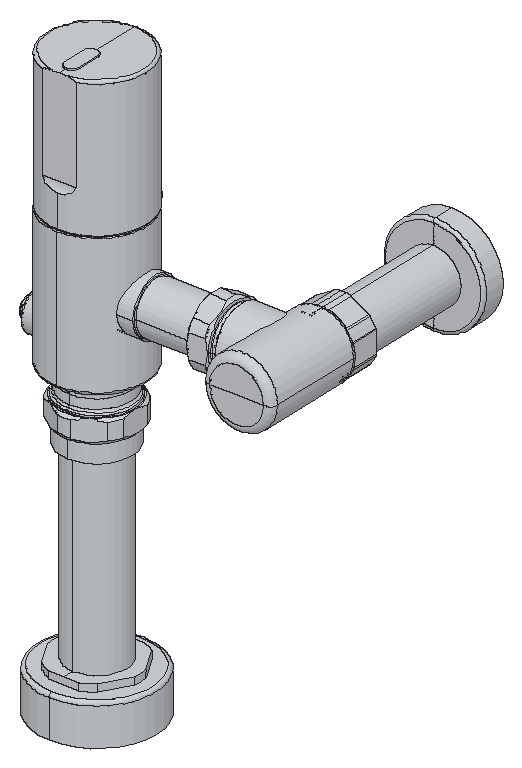
Revit family "Flushometer-Toilet_Touchless-KOHLER-Mach_Wave-K-40TH00K10", category Plumbing Fixtures, host Face, Revit 2021 (continued)
Definition of nested family "K-40TH00K10"
  Dimensions and locks (in)
    "Height": plane 4 to plane 23
    locked: plane 4 to plane 6 "ad" at 5.29134
    locked: Revolve 13 sketch curve to Revolve 13 sketch curve at 0.55159
    locked: Revolve 13 sketch curve to plane 1 "Center (Front/Back)" at 0.89813
    locked: plane 25 to plane 23 at 1.0528
    locked: plane 24 to plane 25 at 0.18134
    locked: plane 20 "fg" to plane 26 at 1.50787
    locked: plane 26 to plane 27 at 0.55159
    plane 20 "fg" to plane 19 = 1.2766"
    locked: plane 3 "Center (Left/Right)" to Revolve 3 sketch curve at 1.5036
    plane 25 to plane 23 = 1.0528"
    locked: cut or joined group of Revolve 1, Extrusion 5, Extrusion 7, Extrusion 10, Sweep 11, Sweep 12, Revolve 15 to cut or joined group of Revolve 1, Extrusion 5, Extrusion 7, Extrusion 10, Sweep 11, Sweep 12, Revolve 15 at 1.23415  (x2)
    locked: Masking region 1 sketch curve to plane 23 at 1.0528
    locked: cut or joined group of Revolve 1, Extrusion 5, Extrusion 7, Extrusion 10, Sweep 11, Sweep 12, Revolve 15 to plane 23 at 1.23415  (x2)
    locked: cut or joined group of Revolve 13, Extrusion 14 to plane 20 "fg" at 2.05946  (x3)
    locked: cut or joined group of Revolve 13, Extrusion 14 to plane 19 at 2.78447
    locked: cut or joined group of Revolve 13, Extrusion 14 to plane 20 "fg" at 1.50787  (x2)
    "Width": plane 20 "fg" to plane 3 "Center (Left/Right)"
    locked: Revolve 2 sketch curve to Revolve 2 sketch curve at 0.59763
    locked: Masking region 2 sketch curve to plane 6 "ad" at 1.27953
    locked: plane 6 "ad" to Masking region 2 sketch curve at 1.27953
    locked: plane 6 "ad" to Masking region 2 sketch curve at 0.68898
    locked: Masking region 2 sketch curve to plane 6 "ad" at 0.68898
    locked: Revolve 2 to Masking region 2 sketch curve at 0.58554  (x2)
    "Length": plane 17 to plane 1 "Center (Front/Back)"
    locked: plane 20 "fg" to plane 33 at 0.82308
    locked: plane 20 "fg" to plane 19 at 1.2766
    locked: plane 32 to plane 20 "fg" at 0.82308
    locked: plane 31 to plane 20 "fg" at 1.2766
    locked: Masking region 3 sketch curve to Revolve 2 at 0.59763  (x2)
    locked: Masking region 3 sketch curve to plane 20 "fg" at 0.82308
    locked: plane 20 "fg" to Masking region 3 sketch curve at 0.82308
    locked: Masking region 3 sketch curve to plane 20 "fg" at 0.89777
    locked: Masking region 3 sketch curve to Masking region 3 sketch curve at 1.79553
    locked: plane 20 "fg" to Masking region 3 sketch curve at 0.69231
    locked: plane 20 "fg" to Masking region 3 sketch curve at 0.89777
    locked: plane 20 "fg" to Masking region 3 sketch curve at 0.70092
    cut or joined group of Revolve 13, Extrusion 14 to curve 115 = 0.02238"
    plane 26 to curve 116 = 0.10516"
    plane 26 to curve 117 = 0.17658"
    locked: plane 27 to curve 118 at 1.18038
    locked: plane 27 to curve 118 at 1.1617
    curve 119 to plane 20 "fg" = 0.89777"
    plane 27 to curve 124 = 0.07019"  (x2)
    curve 125 to plane 26 = 0.07019"
    cut or joined group of Revolve 13, Extrusion 14 to plane 26 = 0.07019"
    plane 27 to curve 128 = 0.07019"
    locked: plane 20 "fg" to curve 177 at 2.05946
    plane 17 to curve 105 = 0.54617"
    plane 17 to curve 103 = 0.58554"
    Revolve 2 to curve 104 = 0.69291"
    locked: curve 75 to plane 23 at 1.19587
    locked: Revolve 18 sketch curve to Revolve 18 sketch curve at 0.75
    locked: Revolve 18 sketch curve to Revolve 18 sketch curve at 1.26068
    plane 22 to Revolve 18 sketch curve = 7.12515"
    Revolve 20 sketch curve to Revolve 20 sketch curve = 0.69231"
    Revolve 20 sketch curve to curve 139 = 0.89777"
    plane 16 to Revolve 20 sketch curve = 3.36621"
    locked: Revolve 18 sketch curve to plane 23 at 1.23415
    curve 204 to Revolve 18 = 1.20102"
    aligned and locked: plane 2 to level
    aligned and locked: Revolve 2 sketch curve to plane 1 "Center (Front/Back)"
    aligned and locked: Revolve 2 sketch curve to Revolve 2 sketch curve
    aligned and locked: Revolve 6 sketch curve to Revolve 6 sketch curve
    aligned and locked: Revolve 6 sketch curve to plane 20 "fg"
    aligned and locked: Revolve 3 sketch curve to plane 20 "fg"
    aligned and locked: Revolve 3 sketch curve to plane 1 "Center (Front/Back)"  (x2)
    aligned and locked: plane 22 to Extrusion 8
    aligned and locked: Revolve 1 sketch curve to plane 4
    aligned and locked: Revolve 1 sketch curve to plane 1 "Center (Front/Back)"
    aligned and locked: Revolve 1 sketch curve to plane 23
    aligned and locked: Revolve 1 sketch curve to plane 14
    aligned and locked: Revolve 1 sketch curve to plane 13
    aligned and locked: Extrusion 5 to Revolve 1
    aligned and locked: Revolve 13 sketch curve to Revolve 3
    aligned and locked: plane 1 "Center (Front/Back)" to Revolve 13 sketch curve
    aligned and locked: Extrusion 5 to cut or joined group of Revolve 1, Extrusion 5, Extrusion 7, Extrusion 10, Sweep 11, Sweep 12, Revolve 15
    aligned and locked: Extrusion 5 to plane 25
    aligned and locked: Extrusion 5 to plane 24
    aligned and locked: plane 26 to Extrusion 14
    aligned and locked: Extrusion 14 to plane 27
    aligned and locked: Revolve 3 sketch curve to plane 3 "Center (Left/Right)"
    aligned and locked: cut or joined group of Extrusion 4, Revolve 17 to plane 3 "Center (Left/Right)"
    aligned and locked: cut or joined group of Extrusion 4, Revolve 17 to plane 18
    aligned and locked: plane 23 to Masking region 1 sketch curve
    aligned and locked: Revolve 2 sketch curve to plane 17
    aligned and locked: plane 17 to Masking region 3 sketch curve
    aligned and locked: curve 113 to plane 27
    aligned and locked: curve 114 to plane 26
    aligned and locked: Revolve 18 sketch curve to plane 22
    aligned and locked: Revolve 19 sketch curve to plane 3 "Center (Left/Right)"
    aligned and locked: Revolve 19 sketch curve to plane 6 "ad"
    aligned and locked: Revolve 19 sketch curve to Revolve 19 sketch curve
    aligned and locked: Revolve 19 sketch curve to plane 20 "fg"
    aligned and locked: Revolve 20 sketch curve to Revolve 20 sketch curve
    aligned and locked: Revolve 20 sketch curve to plane 16
    aligned and locked: plane 17 to Revolve 20 sketch curve
    aligned and locked: Revolve 20 sketch curve to plane 19
    aligned and locked: Revolve 18 sketch curve to plane 30
    aligned and locked: plane 20 "fg" to Revolve 21 sketch curve
    aligned and locked: Revolve 21 sketch curve to plane 20 "fg"
    aligned and locked: Revolve 20 to Revolve 21 sketch curve
    aligned and locked: Revolve 22 sketch curve to plane 3 "Center (Left/Right)"
    aligned and locked: plane 3 "Center (Left/Right)" to Revolve 22 sketch curve
    aligned and locked: Revolve 22 sketch curve to Revolve 18
  Automatic sketch dimensions
    Extrusion 5 sketch curve to Extrusion 5 sketch curve = 0"  (x2)
    plane 1 "Center (Front/Back)" to Extrusion 5 sketch curve = 0.18763"
    plane 28 "ZZ" to Extrusion 5 sketch curve = 0.63972"
    Extrusion 5 sketch curve to Extrusion 5 sketch curve = 0.17912"
    Extrusion 5 sketch curve to Extrusion 5 sketch curve = 0.17915"
    Extrusion 5 sketch curve to Extrusion 5 sketch curve = 0.66268"
    Extrusion 5 sketch curve to Extrusion 5 sketch curve = 0.6687"
    Extrusion 5 sketch curve to Extrusion 5 sketch curve = 1.02133"
    Extrusion 5 sketch curve to Extrusion 5 sketch curve = 0.02684"
    Extrusion 5 sketch curve to Extrusion 5 sketch curve = 0.03145"
    Extrusion 5 sketch curve to Extrusion 5 sketch curve = 0.00081"
    Extrusion 5 sketch curve to Extrusion 5 sketch curve = 0.0041"
    Extrusion 5 sketch curve to Extrusion 5 sketch curve = 0.0136"
    Extrusion 5 sketch curve to Extrusion 5 sketch curve = 0.37812"
    Extrusion 5 sketch curve to Extrusion 5 sketch curve = 0.37815"
    Extrusion 5 sketch curve to Extrusion 5 sketch curve = 0.64607"
    Extrusion 5 sketch curve to Extrusion 5 sketch curve = 0.68175"
    Extrusion 5 sketch curve to Extrusion 5 sketch curve = 0.17455"
    Extrusion 5 sketch curve to Extrusion 5 sketch curve = 0.36229"
    Extrusion 5 sketch curve to Extrusion 5 sketch curve = 0.02027"
    Extrusion 5 sketch curve to Extrusion 5 sketch curve = 0.02849"
    Extrusion 5 sketch curve to Extrusion 5 sketch curve = 0.00274"
    Extrusion 5 sketch curve to Extrusion 5 sketch curve = 0.01232"
    Extrusion 5 sketch curve to Extrusion 5 sketch curve = 0.02641"
    Extrusion 5 sketch curve to Extrusion 5 sketch curve = 0.7455"
    Extrusion 5 sketch curve to Extrusion 5 sketch curve = 0.37413"
    Extrusion 5 sketch curve to Extrusion 5 sketch curve = 0.3826"
    Extrusion 5 sketch curve to Extrusion 5 sketch curve = 0.79004"
    Extrusion 5 sketch curve to Extrusion 5 sketch curve = 0.38607"
    profile plane to Sweep 11 sketch curve = 0.11673"
    Sweep 11 sketch curve to profile plane = 0.06166"
    level to Sweep 11 sketch curve = 8.95437"
    Sweep 11 sketch curve to Sweep 11 sketch curve = 0.1784"
    Extrusion 14 sketch curve to Extrusion 14 sketch curve = 0"  (x42)
    Extrusion 14 sketch curve to plane 1 "Center (Front/Back)" = 0"
    Extrusion 14 sketch curve to plane 6 "ad" = 0"
    plane 1 "Center (Front/Back)" to Extrusion 14 sketch curve = 0.06794"  (x2)
    plane 12 to Extrusion 14 sketch curve = 0.02534"  (x2)
    plane 12 to Extrusion 14 sketch curve = 0.09327"
    Extrusion 14 sketch curve to plane 1 "Center (Front/Back)" = 0.06794"  (x2)
    Extrusion 14 sketch curve to plane 13 = 0.02534"  (x2)
    Extrusion 14 sketch curve to plane 13 = 0.09327"
    plane 10 to Extrusion 14 sketch curve = 0.28056"  (x2)
    plane 5 to Extrusion 14 sketch curve = 0.19542"
    Extrusion 14 sketch curve to plane 11 = 0.28056"  (x2)
    plane 11 to Extrusion 14 sketch curve = 0.24553"
    Extrusion 4 sketch curve to plane 30 = 0.04168"  (x2)
    plane 10 to Extrusion 4 sketch curve = 0.02035"
    plane 10 to Extrusion 4 sketch curve = 0.0607"
    plane 30 to Extrusion 4 sketch curve = 0.1507"  (x2)
    Extrusion 4 sketch curve to Extrusion 4 sketch curve = 0.03494"
    plane 10 to Extrusion 4 sketch curve = 0.04052"
    Extrusion 4 sketch curve to Extrusion 4 sketch curve = 0.02203"  (x2)
    Extrusion 4 sketch curve to plane 9 = 0.31835"
    Extrusion 4 sketch curve to Extrusion 4 sketch curve = 0.02018"
    Extrusion 4 sketch curve to Extrusion 4 sketch curve = 0.03816"  (x2)
    Revolve 15 sketch curve to plane 28 "ZZ" = 0"  (x4)
    Revolve 15 sketch curve to plane 13 = 0.09366"
    Revolve 15 sketch curve to plane 29 = 0.52258"
    plane 13 to Revolve 15 sketch curve = 0.07988"
    Revolve 15 sketch curve to plane 13 = 0.16181"
    Revolve 15 sketch curve to plane 13 = 0.09226"
    Revolve 16 sketch curve to plane 13 = 0.12387"
    Revolve 16 sketch curve to plane 29 = 0.63077"
    Revolve 16 sketch curve to plane 13 = 0.18719"
    Revolve 16 sketch curve to Revolve 16 sketch curve = 0.00314"
    Revolve 16 sketch curve to plane 13 = 0.20946"
    Revolve 16 sketch curve to Revolve 16 sketch curve = 0.02227"
    Revolve 16 sketch curve to plane 13 = 0.16296"
    Revolve 16 sketch curve to plane 13 = 0.09484"  (x2)
    Revolve 16 sketch curve to Revolve 16 sketch curve = 0.02903"
    Revolve 16 sketch curve to plane 13 = 0.20373"
    Revolve 16 sketch curve to Revolve 16 sketch curve = 0.03249"
    Revolve 16 sketch curve to Revolve 16 sketch curve = 0"
    Revolve 16 sketch curve to plane 13 = 0.03314"
    Revolve 16 sketch curve to Revolve 16 sketch curve = 0.0617"
    Revolve 2 sketch curve to plane 11 = 0"
    Revolve 2 sketch curve to Revolve 2 sketch curve = 0.07874"
    Revolve 2 sketch curve to Revolve 2 sketch curve = 0.30039"
    Revolve 2 sketch curve to plane 17 = 0.09331"
    Revolve 6 sketch curve to plane 33 = 0.13847"
    Revolve 6 sketch curve to plane 13 = 0.02447"
    Revolve 6 sketch curve to plane 33 = 0.05972"
    Revolve 6 sketch curve to plane 33 = 0.02035"
    plane 15 to Revolve 6 sketch curve = 0.12028"
    Revolve 6 sketch curve to plane 1 "Center (Front/Back)" = 0.10973"
    plane 1 "Center (Front/Back)" to Revolve 6 sketch curve = 0.08712"
    Extrusion 9 sketch curve to Extrusion 9 sketch curve = 0.04178"
    Extrusion 9 sketch curve to Extrusion 9 sketch curve = 0.11845"  (x5)
    Extrusion 9 sketch curve to Revolve 6 = 0.85378"  (x2)
    Extrusion 9 sketch curve to Extrusion 9 sketch curve = 0.04891"  (x6)
    Revolve 6 to Extrusion 9 sketch curve = 0.82935"
    Extrusion 9 sketch curve to Extrusion 9 sketch curve = 0.1679"
    Extrusion 9 sketch curve to Extrusion 9 sketch curve = 0.39713"
    Extrusion 9 sketch curve to Extrusion 9 sketch curve = 0.48836"  (x2)
    Revolve 6 to Extrusion 9 sketch curve = 0.57183"  (x2)
    Extrusion 9 sketch curve to Revolve 6 = 0.57183"  (x2)
    Extrusion 9 sketch curve to Extrusion 9 sketch curve = 0.09781"  (x2)
    Extrusion 9 sketch curve to Extrusion 9 sketch curve = 0.0938"
    Extrusion 9 sketch curve to Extrusion 9 sketch curve = 0.23691"
    Revolve 6 to Extrusion 9 sketch curve = 0.83308"
    Extrusion 9 sketch curve to Extrusion 9 sketch curve = 0.1512"
    Extrusion 9 sketch curve to Extrusion 9 sketch curve = 0.40359"
    Extrusion 9 sketch curve to Extrusion 9 sketch curve = 0.26188"
    Extrusion 9 sketch curve to Extrusion 9 sketch curve = 0.03266"
    Extrusion 9 sketch curve to Extrusion 9 sketch curve = 0.08471"  (x6)
    Revolve 6 to Extrusion 9 sketch curve = 0.28195"
    Extrusion 9 sketch curve to Extrusion 9 sketch curve = 0.20517"
    Extrusion 9 sketch curve to Revolve 6 = 0.28195"  (x2)
    Revolve 1 sketch curve to Revolve 1 sketch curve = 0"  (x2)
    Revolve 1 sketch curve to plane 1 "Center (Front/Back)" = 0"
    plane 24 to Revolve 1 sketch curve = 0"
    Revolve 1 sketch curve to plane 25 = 0"
    Revolve 1 sketch curve to plane 13 = 0.12415"
    Revolve 1 sketch curve to Revolve 1 sketch curve = 0.02703"
    Revolve 1 sketch curve to plane 13 = 0.16352"
    Revolve 1 sketch curve to Revolve 1 sketch curve = 0.03961"
    Revolve 1 sketch curve to Revolve 1 sketch curve = 0.10063"
    Revolve 1 sketch curve to Revolve 1 sketch curve = 0.32096"
    Revolve 1 sketch curve to plane 4 = 0.06637"
    plane 14 to Revolve 1 sketch curve = 0.30963"
    Revolve 1 sketch curve to Revolve 1 sketch curve = 0.02189"
    plane 14 to Revolve 1 sketch curve = 0.25776"
    Revolve 1 sketch curve to Revolve 1 sketch curve = 0.09067"  (x2)
    Revolve 1 sketch curve to Revolve 1 sketch curve = 0.07874"
    Revolve 1 sketch curve to Revolve 1 sketch curve = 0.47276"
    Revolve 1 sketch curve to Revolve 1 sketch curve = 0.19685"  (x2)
    plane 8 to Revolve 1 sketch curve = 0.45331"
    Revolve 1 sketch curve to Revolve 1 sketch curve = 0.02766"
    plane 1 "Center (Front/Back)" to Revolve 3 sketch curve = 0"
    Revolve 3 sketch curve to plane 29 = 0.02225"
    Revolve 3 sketch curve to plane 26 = 0.10165"
    plane 13 to Revolve 3 sketch curve = 0.09397"
    Revolve 3 sketch curve to Revolve 3 sketch curve = 0.03074"
    Revolve 3 sketch curve to plane 13 = 0.01483"
    Revolve 3 sketch curve to Revolve 3 sketch curve = 0.02238"
    plane 29 to Revolve 3 sketch curve = 0.17054"
    Revolve 3 sketch curve to Revolve 3 sketch curve = 0.21351"
    plane 15 to Extrusion 7 sketch curve = 0.02591"
    Extrusion 7 sketch curve to plane 15 = 0.10256"
    Extrusion 7 sketch curve to plane 15 = 0.32026"
    plane 8 to Extrusion 7 sketch curve = 1.23057"
    Extrusion 7 sketch curve to plane 22 = 0.08919"
    Extrusion 8 sketch curve to plane 3 "Center (Left/Right)" = 0.17801"
    plane 3 "Center (Left/Right)" to Extrusion 8 sketch curve = 0.00137"
    plane 12 to Extrusion 8 sketch curve = 0.04886"
    plane 1 "Center (Front/Back)" to Extrusion 8 sketch curve = 0.20892"
    Extrusion 10 sketch curve to Extrusion 10 sketch curve = 0"  (x42)
    plane 1 "Center (Front/Back)" to Extrusion 10 sketch curve = 0"
    Extrusion 10 sketch curve to plane 3 "Center (Left/Right)" = 0"
    Extrusion 10 sketch curve to plane 3 "Center (Left/Right)" = 0.17573"  (x2)
    plane 13 to Extrusion 10 sketch curve = 0.08028"  (x2)
    plane 30 to Extrusion 10 sketch curve = 0.69542"
    Extrusion 10 sketch curve to plane 12 = 0.08028"  (x2)
    Extrusion 10 sketch curve to Extrusion 10 sketch curve = 0.63279"  (x2)
    Extrusion 10 sketch curve to Extrusion 10 sketch curve = 0.17573"  (x2)
    plane 3 "Center (Left/Right)" to Extrusion 10 sketch curve = 0.17573"  (x2)
    Extrusion 10 sketch curve to plane 29 = 0.69542"
    plane 12 to Extrusion 10 sketch curve = 0.28506"
    Extrusion 10 sketch curve to plane 13 = 0.28506"
    plane 1 "Center (Front/Back)" to Sweep 12 sketch curve = 0"
    Sweep 12 sketch curve to plane 3 "Center (Left/Right)" = 0"
    profile plane to Sweep 12 sketch curve = 0.12903"
    Sweep 12 sketch curve to profile plane = 0.04936"
    profile plane to Sweep 12 sketch curve = 9.05298"
    Sweep 12 sketch curve to Sweep 12 sketch curve = 0.1784"
    Revolve 13 sketch curve to plane 26 = 0"  (x2)
    Revolve 13 sketch curve to plane 27 = 0"  (x2)
    plane 13 to Revolve 13 sketch curve = 0.02572"  (x2)
    Revolve 13 sketch curve to plane 26 = 0.07019"  (x2)
    plane 27 to Revolve 13 sketch curve = 0.07019"  (x2)
    Revolve 13 sketch curve to plane 13 = 0.07794"  (x2)
    Revolve 13 sketch curve to plane 13 = 0.00927"  (x2)
    Revolve 13 sketch curve to Revolve 13 sketch curve = 0.03191"
    plane 13 to Revolve 13 sketch curve = 0.0607"
    Revolve 13 sketch curve to Revolve 13 sketch curve = 0.03327"
    Revolve 17 sketch curve to plane 5 = 0"  (x2)
    Revolve 17 sketch curve to plane 18 = 0"
    Revolve 17 sketch curve to plane 3 "Center (Left/Right)" = 0"
    plane 18 to Revolve 17 sketch curve = 0.0221"
    Revolve 17 sketch curve to plane 30 = 0.02174"
    Revolve 17 sketch curve to plane 30 = 0.00209"
    plane 30 to Revolve 17 sketch curve = 0.00018"
    plane 30 to Revolve 17 sketch curve = 0.00204"
    plane 30 to Revolve 17 sketch curve = 0.08635"
    Revolve 17 sketch curve to plane 10 = 0.18728"
    Revolve 17 sketch curve to Revolve 17 sketch curve = 0.03679"
    Revolve 17 sketch curve to Revolve 17 sketch curve = 0.01559"
    plane 10 to Revolve 17 sketch curve = 0.03801"
    plane 30 to Revolve 17 sketch curve = 0.13124"
    Revolve 17 sketch curve to Revolve 17 sketch curve = 0.1261"
    Masking region 1 sketch curve to plane 18 = 0"
    Masking region 1 sketch curve to plane 30 = 0"
    Masking region 1 sketch curve to plane 4 = 0"  (x2)
    Masking region 1 sketch curve to plane 24 = 0"  (x2)
    Masking region 1 sketch curve to plane 22 = 0"
    Masking region 1 sketch curve to plane 25 = 0"
    Masking region 1 sketch curve to plane 29 = 0"  (x3)
    Masking region 1 sketch curve to plane 27 = 0"  (x2)
    Masking region 1 sketch curve to plane 26 = 0"  (x2)
    Masking region 1 sketch curve to plane 6 "ad" = 0"
    Masking region 1 sketch curve to plane 20 "fg" = 0"
    plane 18 to Masking region 1 sketch curve = 0.0272"  (x2)
    Masking region 1 sketch curve to plane 30 = 0.02174"  (x2)
    Masking region 1 sketch curve to plane 25 = 0.07563"
    plane 10 to Masking region 1 sketch curve = 0.02035"
    plane 30 to Masking region 1 sketch curve = 0.1507"  (x2)
    Masking region 1 sketch curve to Masking region 1 sketch curve = 0.03967"
    Masking region 1 sketch curve to Masking region 1 sketch curve = 0.04035"
    Masking region 1 sketch curve to Masking region 1 sketch curve = 0.05109"
    Masking region 1 sketch curve to Masking region 1 sketch curve = 0.05041"
    Masking region 1 sketch curve to plane 4 = 0.09218"  (x2)
    plane 30 to Masking region 1 sketch curve = 0.24326"
    Masking region 1 sketch curve to Masking region 1 sketch curve = 0.0201"  (x2)
    Masking region 1 sketch curve to Masking region 1 sketch curve = 0.02245"
    Masking region 1 sketch curve to Masking region 1 sketch curve = 0.03551"
    Masking region 1 sketch curve to Masking region 1 sketch curve = 0.04262"  (x2)
    Masking region 1 sketch curve to Masking region 1 sketch curve = 0.33736"
    plane 30 to Masking region 1 sketch curve = 0.51969"
    Masking region 1 sketch curve to Masking region 1 sketch curve = 0.00426"
    Masking region 1 sketch curve to Masking region 1 sketch curve = 0.03372"  (x3)
    Masking region 1 sketch curve to Masking region 1 sketch curve = 0.04836"  (x2)
    Masking region 1 sketch curve to Masking region 1 sketch curve = 0.03701"  (x2)
    Masking region 1 sketch curve to Masking region 1 sketch curve = 0.03531"  (x4)
    Masking region 1 sketch curve to Masking region 1 sketch curve = 0.1123"  (x2)
    Masking region 1 sketch curve to Masking region 1 sketch curve = 0.16352"  (x2)
    Masking region 1 sketch curve to plane 3 "Center (Left/Right)" = 0.20245"
    Masking region 1 sketch curve to Masking region 1 sketch curve = 0.02444"  (x2)
    plane 3 "Center (Left/Right)" to Masking region 1 sketch curve = 0.18076"
    plane 3 "Center (Left/Right)" to Masking region 1 sketch curve = 3/4"
    Masking region 1 sketch curve to plane 29 = 0.63625"
    Masking region 1 sketch curve to Masking region 1 sketch curve = 0.03289"  (x3)
    Masking region 1 sketch curve to Masking region 1 sketch curve = 0.34582"
    Masking region 1 sketch curve to plane 29 = 0.33543"
    Masking region 1 sketch curve to plane 29 = 0.30652"
    Masking region 1 sketch curve to Masking region 1 sketch curve = 0.03371"
    Masking region 1 sketch curve to plane 10 = 0.01702"
    Masking region 1 sketch curve to plane 29 = 0.24146"  (x2)
    plane 11 to Masking region 1 sketch curve = 0.01702"
    Masking region 1 sketch curve to Masking region 1 sketch curve = 0.10161"
    Masking region 1 sketch curve to plane 29 = 0.0216"  (x2)
    plane 27 to Masking region 1 sketch curve = 0.07019"  (x2)
    Masking region 1 sketch curve to plane 26 = 0.07019"  (x2)
    plane 26 to Masking region 1 sketch curve = 0.02238"  (x2)
    Masking region 1 sketch curve to Masking region 1 sketch curve = 0.08278"  (x2)
    plane 31 to Masking region 1 sketch curve = 0.05444"  (x2)
    plane 32 to Masking region 1 sketch curve = 0.15065"  (x2)
    Masking region 1 sketch curve to plane 9 = 2.29559"
    Masking region 1 sketch curve to Masking region 1 sketch curve = 0"
    Masking region 1 sketch curve to Masking region 1 sketch curve = 0.47276"  (x2)
    Masking region 1 sketch curve to Masking region 1 sketch curve = 0.55683"  (x2)
    Masking region 1 sketch curve to Masking region 1 sketch curve = 0.22618"  (x2)
    Masking region 1 sketch curve to Masking region 1 sketch curve = 0.14762"
    Masking region 1 sketch curve to Masking region 1 sketch curve = 0.0074"
    Masking region 1 sketch curve to plane 9 = 0.12765"
    Masking region 1 sketch curve to plane 10 = 0.19586"
    Masking region 1 sketch curve to plane 10 = 0.19089"
    Masking region 1 sketch curve to plane 10 = 0.14111"
    Masking region 1 sketch curve to Masking region 1 sketch curve = 0.07019"  (x3)
    Masking region 1 sketch curve to Masking region 1 sketch curve = 0.03385"  (x2)
    Masking region 1 sketch curve to Masking region 1 sketch curve = 0.02238"  (x2)
    plane 10 to Masking region 1 sketch curve = 0.00464"
    Masking region 1 sketch curve to Masking region 1 sketch curve = 0.03327"
    Masking region 1 sketch curve to Masking region 1 sketch curve = 0.03991"
    Masking region 1 sketch curve to plane 11 = 0.03937"
    Masking region 1 sketch curve to plane 11 = 0.0061"
    plane 11 to Masking region 1 sketch curve = 0.06943"
    plane 11 to Masking region 1 sketch curve = 0.12567"
    plane 8 to Masking region 1 sketch curve = 0.4424"  (x2)
    Masking region 1 sketch curve to Masking region 1 sketch curve = 0.02766"  (x2)
    Masking region 3 sketch curve to Masking region 3 sketch curve = 0"  (x2)
    Masking region 3 sketch curve to plane 19 = 0"
    plane 13 to Masking region 3 sketch curve = 0"
    plane 16 to Masking region 3 sketch curve = 0"
    Masking region 3 sketch curve to plane 31 = 0"
    Masking region 3 sketch curve to plane 26 = 0"  (x2)
    Masking region 3 sketch curve to plane 27 = 0"  (x2)
    Masking region 3 sketch curve to plane 29 = 0"  (x2)
    plane 1 "Center (Front/Back)" to Masking region 3 sketch curve = 0"
    Masking region 3 sketch curve to plane 3 "Center (Left/Right)" = 0"
    Masking region 3 sketch curve to plane 30 = 0"  (x2)
    Masking region 3 sketch curve to plane 18 = 0"
    Masking region 3 sketch curve to plane 33 = 0.08616"
    plane 7 "BBB" to Masking region 3 sketch curve = 0.00118"  (x2)
    Masking region 3 sketch curve to Masking region 3 sketch curve = 0.13076"
    plane 15 to Masking region 3 sketch curve = 0.11542"
    plane 32 to Masking region 3 sketch curve = 0.05601"
    plane 31 to Masking region 3 sketch curve = 7/128"  (x2)
    Masking region 3 sketch curve to plane 13 = 0.01483"
    Masking region 3 sketch curve to Masking region 3 sketch curve = 0.07143"  (x2)
    plane 12 to Masking region 3 sketch curve = 0.01483"
    plane 26 to Masking region 3 sketch curve = 0.02238"  (x2)
    Masking region 3 sketch curve to plane 12 = 0.04448"
    Masking region 3 sketch curve to plane 29 = 0.15118"
    plane 13 to Masking region 3 sketch curve = 0.04337"
    Masking region 3 sketch curve to plane 29 = 0.15177"
    Masking region 3 sketch curve to Masking region 3 sketch curve = 0.06372"
    Masking region 3 sketch curve to Masking region 3 sketch curve = 0.06157"
    plane 18 to Masking region 3 sketch curve = 0.02632"
    plane 18 to Masking region 3 sketch curve = 0.02495"
    Masking region 3 sketch curve to plane 13 = 0.14227"
    Masking region 3 sketch curve to Masking region 3 sketch curve = 0.07844"
    Masking region 3 sketch curve to Masking region 3 sketch curve = 0.02238"  (x2)
    plane 13 to Masking region 3 sketch curve = 0.09397"
    Masking region 3 sketch curve to plane 1 "Center (Front/Back)" = 0.27671"
    plane 1 "Center (Front/Back)" to Masking region 3 sketch curve = 0.25016"
    Masking region 3 sketch curve to Masking region 3 sketch curve = 0.04948"
    plane 12 to Masking region 3 sketch curve = 0.08626"
    plane 12 to Masking region 3 sketch curve = 0.09327"
    curve 152 to curve 159 = 0"  (x2)
    curve 152 to curve 170 = 0"
    curve 159 to curve 170 = 0"
    curve 138 to plane 19 = 0"
    curve 134 to plane 33 = 0"
    curve 134 to plane 32 = 0"
    curve 138 to plane 31 = 0"
    curve 137 to plane 29 = 0"
    plane 1 "Center (Front/Back)" to curve 170 = 0"
    curve 170 to plane 3 "Center (Left/Right)" = 0"
    curve 169 to plane 3 "Center (Left/Right)" = 0"
    curve 161 to plane 30 = 0"
    curve 149 to plane 33 = 0.16736"
    curve 151 to curve 144 = 0.0588"
    curve 145 to curve 151 = 0.18538"
    plane 20 "fg" to curve 143 = 0.20322"
    curve 143 to curve 148 = 0.03586"
    curve 147 to plane 20 "fg" = 0.16736"
    curve 150 to curve 142 = 0.02769"
    curve 150 to plane 32 = 0.39324"
    curve 140 to plane 32 = 0.16736"
    curve 140 to curve 146 = 0.0366"
    curve 133 to plane 26 = 0.07019"
    curve 132 to plane 26 = 0.07019"
    curve 118 to plane 1 "Center (Front/Back)" = 0.01011"
    curve 118 to curve 121 = 0.19596"
    curve 123 to plane 12 = 0.0607"
    plane 27 to curve 123 = 0.07019"
    plane 3 "Center (Left/Right)" to curve 166 = 0.18076"
    plane 3 "Center (Left/Right)" to curve 167 = 0.00137"
    plane 30 to curve 162 = 0.19685"
    curve 162 to curve 163 = 0.03748"
    curve 164 to curve 161 = 0.03937"
    curve 162 to plane 1 "Center (Front/Back)" = 0.12396"
    curve 132 to plane 1 "Center (Front/Back)" = 0.15397"
    plane 13 to curve 129 = 0.0607"
    curve 147 to plane 13 = 0.30491"
    curve 149 to plane 13 = 0.30491"
    curve 141 to curve 150 = 0.04232"
    curve 145 to curve 151 = 0.04232"
    plane 7 "BBB" to curve 135 = 0.00118"
    curve 151 to plane 7 "BBB" = 0.15408"
    curve 150 to plane 7 "BBB" = 0.38729"
    plane 1 "Center (Front/Back)" to curve 164 = 0.12431"
    plane 1 "Center (Front/Back)" to curve 122 = 0.15397"
    plane 1 "Center (Front/Back)" to curve 166 = 0.20892"
    plane 12 to curve 166 = 0.04886"
    plane 12 to curve 139 = 0.08626"
    plane 16 to curve 169 = 1.97608"
    plane 33 to curve 119 = 0.07469"
    plane 33 to curve 139 = 0.07469"
    curve 135 to curve 149 = 0.0366"
    curve 136 to plane 33 = 0.13076"
    curve 136 to plane 32 = 0.1341"
    curve 124 to plane 31 = 0.1306"
    curve 127 to plane 31 = 0.1306"
    curve 126 to plane 26 = 0.01534"
    curve 125 to plane 26 = 0.01534"
    plane 27 to curve 127 = 0.01534"
    plane 27 to curve 124 = 0.01534"
    curve 125 to plane 27 = 0.36188"
    curve 126 to plane 27 = 0.36188"
    curve 154 to plane 12 = 0.04448"
    curve 154 to plane 29 = 0.15118"
    plane 13 to curve 153 = 0.04337"
    curve 153 to plane 29 = 0.15177"
    curve 154 to curve 159 = 0.16912"
    curve 153 to curve 152 = 0.1692"
    curve 159 to curve 154 = 0.13886"
    curve 169 to plane 15 = 0.30056"
    plane 30 to curve 158 = 0.06372"
    plane 30 to curve 157 = 0.06157"
    plane 18 to curve 156 = 0.02632"
    curve 155 to curve 160 = 0.11527"
    curve 156 to curve 155 = 0"
    plane 13 to curve 137 = 0.09397"
    curve 124 to curve 113 = 0.03327"
    curve 116 to plane 13 = 0.01483"
    curve 115 to plane 13 = 0.01483"
    curve 114 to curve 115 = 0.02238"
    curve 117 to plane 13 = 0.08626"
    curve 129 to curve 114 = 0.05606"
    curve 128 to plane 13 = 0.09327"
    curve 134 to plane 13 = 0.13583"
    curve 134 to curve 118 = 0.05601"
    plane 17 to curve 136 = 0.59763"
    plane 17 to curve 138 = 0.56076"
    curve 161 to curve 156 = 0.11139"
    curve 161 to curve 155 = 0.11143"
    curve 113 to curve 127 = 0.03327"
    curve 137 to plane 12 = 0.09397"
    plane 12 to curve 115 = 0.01483"
    plane 12 to curve 116 = 0.01483"
    curve 115 to curve 114 = 0.0631"
    plane 12 to curve 117 = 0.08626"
    curve 114 to curve 133 = 0.01534"
    plane 12 to curve 131 = 0.09327"
    plane 15 to curve 119 = 0.11542"
    plane 30 to curve 171 = 0.11049"
    plane 3 "Center (Left/Right)" to curve 171 = 0.00137"
    plane 1 "Center (Front/Back)" to curve 171 = 0.02953"
    plane 30 to curve 172 = 0.1341"
    curve 171 to curve 172 = 0"  (x2)
    curve 153 to curve 172 = 0.07708"
    curve 171 to plane 29 = 0.19591"
    Masking region 2 sketch curve to plane 16 = 0"
    Masking region 2 sketch curve to plane 15 = 0"
    Masking region 2 sketch curve to plane 25 = 0"  (x2)
    Masking region 2 sketch curve to plane 4 = 0"  (x2)
    plane 24 to Masking region 2 sketch curve = 0"  (x2)
    plane 22 to Masking region 2 sketch curve = 0"
    Masking region 2 sketch curve to plane 12 = 0"
    Masking region 2 sketch curve to plane 13 = 0"
    Masking region 2 sketch curve to plane 14 = 0"
    Masking region 2 sketch curve to plane 17 = 0"
    Masking region 2 sketch curve to plane 23 = 0"
    plane 15 to Masking region 2 sketch curve = 0.11542"  (x2)
    plane 10 to Masking region 2 sketch curve = 0.03171"
    plane 15 to Masking region 2 sketch curve = 0.02591"
    Masking region 2 sketch curve to plane 15 = 0.0841"
    Masking region 2 sketch curve to plane 15 = 0.23909"  (x2)
    Masking region 2 sketch curve to Masking region 2 sketch curve = 0.00417"
    Masking region 2 sketch curve to Masking region 2 sketch curve = 0.02065"  (x2)
    Masking region 2 sketch curve to Masking region 2 sketch curve = 0.00361"  (x2)
    Masking region 2 sketch curve to Masking region 2 sketch curve = 0.05634"
    Masking region 2 sketch curve to plane 15 = 0.30085"
    Masking region 2 sketch curve to plane 4 = 0.03733"
    plane 12 to Masking region 2 sketch curve = 0.43368"
    plane 12 to Masking region 2 sketch curve = 0.30008"
    Masking region 2 sketch curve to Masking region 2 sketch curve = 0.285"
    Masking region 2 sketch curve to Masking region 2 sketch curve = 0.14366"
    Masking region 2 sketch curve to Masking region 2 sketch curve = 0.04965"
    Masking region 2 sketch curve to Masking region 2 sketch curve = 0.06686"  (x4)
    Masking region 2 sketch curve to Masking region 2 sketch curve = 0.02444"
    Masking region 2 sketch curve to Masking region 2 sketch curve = 0.09955"  (x3)
    Masking region 2 sketch curve to Masking region 2 sketch curve = 0.04733"  (x2)
    Masking region 2 sketch curve to Masking region 2 sketch curve = 0.03701"  (x2)
    Masking region 2 sketch curve to Masking region 2 sketch curve = 0.02783"  (x4)
    Masking region 2 sketch curve to Masking region 2 sketch curve = 0.03826"  (x2)
    plane 1 "Center (Front/Back)" to Masking region 2 sketch curve = 0.02953"
    plane 1 "Center (Front/Back)" to Masking region 2 sketch curve = 0.00509"
    Masking region 2 sketch curve to plane 13 = 0.11981"
    Masking region 2 sketch curve to plane 13 = 0.16352"
    Masking region 2 sketch curve to Masking region 2 sketch curve = 0.09236"
    Masking region 2 sketch curve to plane 13 = 0.285"
    Masking region 2 sketch curve to plane 4 = 0.0652"
    Masking region 2 sketch curve to Masking region 2 sketch curve = 0.20266"
    plane 14 to Masking region 2 sketch curve = 0.29542"
    Masking region 2 sketch curve to Masking region 2 sketch curve = 0.0201"
    plane 14 to Masking region 2 sketch curve = 0.23909"
    Masking region 2 sketch curve to Masking region 2 sketch curve = 0.07724"
    plane 7 "BBB" to Masking region 2 sketch curve = 0.00118"  (x2)
    Masking region 2 sketch curve to Masking region 2 sketch curve = 0.03937"
    plane 9 to Masking region 2 sketch curve = 0.03937"
    Masking region 2 sketch curve to plane 9 = 2.29559"
    Masking region 2 sketch curve to Masking region 2 sketch curve = 0"
    Masking region 2 sketch curve to Masking region 2 sketch curve = 0.47276"  (x2)
    Masking region 2 sketch curve to Masking region 2 sketch curve = 0.42414"  (x2)
    Masking region 2 sketch curve to Masking region 2 sketch curve = 0.03289"  (x2)
    Masking region 2 sketch curve to Masking region 2 sketch curve = 0.21829"  (x2)
    Masking region 2 sketch curve to Masking region 2 sketch curve = 0.38958"  (x2)
    Masking region 2 sketch curve to Masking region 2 sketch curve = 0.1673"
    plane 11 to Masking region 2 sketch curve = 0.0175"
    plane 8 to Masking region 2 sketch curve = 0.45486"  (x2)
    Masking region 2 sketch curve to Masking region 2 sketch curve = 0.02766"  (x2)
    Masking region 2 sketch curve to Masking region 2 sketch curve = 0.83149"
    Masking region 2 sketch curve to Masking region 2 sketch curve = 73/256"
    plane 11 to Masking region 2 sketch curve = 0.20667"
    curve 61 to curve 65 = 0"  (x2)
    curve 61 to curve 66 = 0"  (x2)
    curve 61 to curve 67 = 0"  (x2)
    curve 70 to plane 15 = 0"
    curve 69 to plane 25 = 0"
    curve 54 to plane 4 = 0"
    curve 68 to plane 12 = 0"
    curve 96 to plane 1 "Center (Front/Back)" = 0"
    curve 66 to plane 1 "Center (Front/Back)" = 0"
    curve 95 to plane 1 "Center (Front/Back)" = 0"
    curve 86 to plane 1 "Center (Front/Back)" = 0"
    curve 68 to plane 13 = 0"
    curve 70 to plane 14 = 0"
    curve 199 to plane 10 = 0"
    curve 199 to plane 11 = 0"
    plane 24 to curve 68 = 0"
    curve 105 to plane 9 = 0"
    curve 66 to plane 5 = 0"
    curve 103 to plane 10 = 0"
    curve 104 to plane 10 = 0"
    curve 104 to plane 11 = 0"
    curve 103 to plane 11 = 0"
    curve 105 to plane 8 = 0"
    plane 12 to curve 90 = 0.28506"
    curve 92 to plane 12 = 0.08028"
    curve 88 to curve 94 = 0.30438"
    plane 1 "Center (Front/Back)" to curve 96 = 0.01909"
    plane 1 "Center (Front/Back)" to curve 86 = 0.00939"
    curve 87 to plane 1 "Center (Front/Back)" = 0.00939"
    curve 95 to plane 1 "Center (Front/Back)" = 0.01909"
    curve 85 to plane 1 "Center (Front/Back)" = 0.36534"
    plane 13 to curve 85 = 0.08028"
    curve 79 to plane 13 = 0.28506"
    curve 96 to plane 9 = 2.37158"
    curve 96 to curve 95 = 0"
    curve 95 to curve 83 = 0.64809"
    curve 96 to curve 92 = 0.64809"
    curve 90 to curve 89 = 0"
    curve 80 to curve 79 = 0"
    curve 90 to curve 90 = 0.42457"
    curve 86 to curve 83 = 0.42457"
    curve 79 to curve 76 = 0.06665"
    curve 96 to curve 86 = 0.54535"
    plane 15 to curve 60 = 0.11542"
    curve 59 to plane 15 = 0.23909"
    curve 102 to plane 15 = 0.23909"
    curve 57 to plane 15 = 0.23909"
    curve 57 to curve 56 = 0.00417"
    curve 57 to curve 55 = 0.02427"
    curve 102 to curve 101 = 17/256"
    curve 53 to plane 4 = 0.06637"
    curve 53 to plane 15 = 0.32026"
    plane 12 to curve 75 = 0.285"
    curve 69 to curve 75 = 0"
    curve 53 to curve 54 = 0.18099"
    curve 91 to curve 76 = 0.05183"
    curve 84 to curve 89 = 0.09814"
    curve 76 to curve 77 = 0.04733"
    curve 97 to curve 91 = 0.06114"
    curve 77 to curve 100 = 0.02783"  (x2)
    curve 100 to curve 99 = 0.03826"
    plane 12 to curve 98 = 0.11981"
    plane 12 to curve 74 = 0.10364"
    plane 10 to curve 64 = 0.02035"
    plane 1 "Center (Front/Back)" to curve 64 = 0.19517"
    plane 1 "Center (Front/Back)" to curve 73 = 0.18763"
    plane 1 "Center (Front/Back)" to curve 63 = 0.1786"
    plane 1 "Center (Front/Back)" to curve 54 = 0.00509"
    curve 72 to plane 1 "Center (Front/Back)" = 0.17456"
    curve 71 to plane 13 = 0.09326"
    curve 98 to plane 13 = 0.11981"
    curve 99 to plane 13 = 0.11981"
    curve 78 to curve 100 = 0.05568"
    curve 78 to curve 97 = 0.06114"
    curve 100 to curve 77 = 0.02783"
    curve 80 to curve 84 = 0.09814"
    curve 77 to curve 76 = 0.04733"
    curve 71 to curve 69 = 0.19174"
    curve 75 to curve 69 = 0"
    plane 14 to curve 101 = 0.29621"
    plane 14 to curve 55 = 0.26335"
    curve 53 to plane 4 = 0.0652"
    plane 14 to curve 53 = 0.24326"
    curve 55 to curve 56 = 0.0201"
    plane 14 to curve 202 = 0.23953"
    plane 14 to curve 58 = 0.23909"
    curve 55 to curve 57 = 0.02427"
    curve 101 to curve 102 = 0.05712"
    plane 7 "BBB" to curve 203 = 0.00118"
    curve 70 to plane 25 = 0.07724"
    curve 70 to plane 25 = 0.0841"
    curve 97 to curve 89 = 0.5721"
    curve 97 to curve 78 = 0.01241"
    curve 97 to curve 91 = 0.01241"
    curve 84 to curve 79 = 0.09934"
    curve 84 to curve 80 = 0.03372"
    curve 84 to curve 89 = 0.03372"
    curve 91 to curve 76 = 0.00103"
    curve 78 to curve 76 = 0.00103"
    curve 76 to curve 77 = 0.03289"
    curve 100 to curve 99 = 0.09236"
    curve 99 to curve 98 = 0.21829"
    curve 98 to curve 80 = 0.12167"
    curve 98 to curve 89 = 0.12167"
    curve 89 to curve 101 = 0.21158"
    curve 101 to curve 102 = 0.05633"
    curve 58 to plane 10 = 0.17707"
    curve 59 to plane 10 = 0.16514"
    curve 60 to plane 10 = 0.16514"
    plane 10 to curve 111 = 0.02744"
    plane 10 to curve 201 = 0.13683"
    curve 201 to curve 202 = 0.02348"
    curve 109 to plane 6 "ad" = 0.26695"
    curve 109 to curve 110 = 0.02017"
    plane 6 "ad" to curve 108 = 0.24678"
    curve 108 to curve 107 = 0.02017"
    curve 203 to plane 11 = 0.12094"
    curve 203 to curve 200 = 0.02348"
    curve 106 to curve 104 = 0.02744"
    plane 11 to curve 58 = 0.20404"
    plane 11 to curve 59 = 0.21435"
    plane 11 to curve 60 = 0.21435"
    plane 8 to curve 57 = 0.45486"
    curve 57 to curve 55 = 0.02033"
    curve 55 to curve 56 = 0.02766"
    Revolve 19 sketch curve to plane 11 = 0"
    plane 29 to Revolve 19 sketch curve = 1.1811"
    plane 21 to Revolve 19 sketch curve = 1.06299"
    plane 33 to Revolve 20 sketch curve = 0.07469"
    Revolve 20 sketch curve to Revolve 20 sketch curve = 0.59763"
    Revolve 20 sketch curve to Revolve 20 sketch curve = 1.1811"
    Revolve 20 sketch curve to Revolve 20 sketch curve = 0.7874"
    Revolve 18 sketch curve to plane 23 = 0"
    Revolve 18 sketch curve to plane 3 "Center (Left/Right)" = 0"  (x2)
    Revolve 18 sketch curve to plane 11 = 0"
    Revolve 18 sketch curve to plane 10 = 0.08693"
    plane 17 to Revolve 21 sketch curve = 0"
    Revolve 21 sketch curve to Revolve 21 sketch curve = 0.19685"  (x2)
    Revolve 21 sketch curve to plane 17 = 0.59055"
    curve 197 to curve 198 = 0"  (x2)
    curve 16 to plane 30 = 0"
    curve 17 to plane 25 = 0"
    curve 18 to plane 24 = 0"
    curve 1 to plane 4 = 0"
    curve 46 to plane 4 = 0"
    curve 52 to plane 4 = 0"
    curve 2 to plane 3 "Center (Left/Right)" = 0"
    curve 47 to plane 4 = 0"
    curve 4 to plane 4 = 0"
    curve 24 to plane 29 = 0"
    curve 16 to plane 29 = 0"
    curve 45 to plane 6 "ad" = 0"
    curve 186 to plane 6 "ad" = 0"
    curve 187 to plane 6 "ad" = 0"
    curve 178 to plane 26 = 0"
    curve 194 to plane 20 "fg" = 0"
    curve 198 to plane 6 "ad" = 0"
    curve 198 to plane 20 "fg" = 0"
    plane 5 to curve 44 = 0.00015"
    curve 44 to plane 18 = 0.72188"
    plane 30 to curve 25 = 0.69542"
    curve 50 to plane 3 "Center (Left/Right)" = 0.43385"
    curve 1 to curve 46 = 0.01969"
    curve 27 to plane 3 "Center (Left/Right)" = 0.17573"
    curve 49 to plane 3 "Center (Left/Right)" = 0"
    plane 3 "Center (Left/Right)" to curve 28 = 0.17573"
    plane 3 "Center (Left/Right)" to curve 32 = 0.17573"
    plane 3 "Center (Left/Right)" to curve 49 = 0.41417"
    curve 47 to curve 3 = 0.01969"
    curve 31 to curve 30 = 0.63279"
    curve 187 to plane 6 "ad" = 0.00775"
    curve 187 to plane 27 = 0.40554"
    plane 6 "ad" to curve 184 = 0.00775"
    curve 184 to curve 187 = 0"
    curve 112 to plane 6 "ad" = 0.01344"
    curve 187 to curve 112 = 0.05176"
    curve 112 to curve 45 = 0.06344"
    plane 27 to curve 179 = 0.07019"
    plane 27 to curve 176 = 0.07019"
    curve 173 to plane 26 = 0.07019"
    curve 175 to plane 26 = 0.07019"
    curve 186 to plane 6 "ad" = 0.00775"
    curve 186 to plane 31 = 0.17427"
    plane 6 "ad" to curve 185 = 0.00775"
    curve 32 to plane 9 = 1.72349"
    curve 30 to curve 31 = 0"
    curve 35 to curve 27 = 0"
    curve 31 to curve 30 = 0.42457"
    curve 27 to curve 27 = 0.42457"
    curve 25 to curve 25 = 0.42457"
    plane 10 to curve 190 = 0.11322"
    curve 176 to curve 175 = 0.26668"
    curve 194 to curve 197 = 0.00643"
    curve 174 to plane 11 = 0.11322"
    plane 8 to curve 3 = 1.33434"
    curve 2 to curve 48 = 0.01969"
    curve 48 to curve 1 = 0.19799"
    curve 1 to curve 48 = 0.00575"
    curve 3 to curve 47 = 0.00575"
    curve 22 to plane 30 = 0.02174"
    plane 18 to curve 21 = 0.0272"
    plane 10 to curve 20 = 0.02035"
    plane 30 to curve 20 = 0.1507"
    curve 20 to curve 19 = 0.03967"
    plane 10 to curve 19 = 0.06026"
    curve 20 to curve 19 = 0.04035"
    curve 19 to curve 44 = 0.05109"
    plane 30 to curve 6 = 0.24146"
    curve 19 to curve 44 = 0.05041"
    curve 51 to plane 4 = 0.09218"
    plane 30 to curve 51 = 0.24326"
    curve 6 to curve 5 = 0.0018"
    curve 5 to curve 7 = 0.0201"
    curve 44 to curve 8 = 0.02245"
    plane 30 to curve 17 = 0.34832"
    curve 17 to curve 204 = 0.07697"
    curve 34 to curve 25 = 0.17573"
    curve 35 to curve 25 = 0.17573"
    curve 35 to curve 14 = 0"
    curve 34 to curve 12 = 0.04836"
    curve 12 to curve 11 = 0"  (x2)
    curve 14 to curve 13 = 0.07073"
    curve 41 to curve 18 = 0.18998"
    curve 12 to curve 10 = 0.0682"
    curve 9 to curve 10 = 0"  (x2)
    curve 15 to curve 26 = 0.25787"
    curve 18 to curve 38 = 0.17047"
    curve 38 to curve 39 = 0.3233"
    curve 52 to plane 3 "Center (Left/Right)" = 0.20245"
    plane 3 "Center (Left/Right)" to curve 52 = 0.2052"
    plane 3 "Center (Left/Right)" to curve 40 = 0.37031"
    curve 40 to curve 43 = 0.34788"
    curve 29 to curve 15 = 0.25787"
    curve 30 to curve 10 = 0.05917"
    curve 43 to curve 18 = 0.17047"
    curve 31 to curve 13 = 0.10501"
    curve 29 to curve 11 = 0.12737"
    curve 13 to curve 14 = 0.07073"
    curve 36 to curve 14 = 0"
    curve 11 to curve 37 = 0.04836"
    curve 18 to curve 204 = 0.18998"
    curve 42 to curve 17 = 0.05934"
    curve 8 to plane 29 = 0.26391"
    curve 7 to plane 29 = 0.26335"
    curve 7 to curve 5 = 0.0201"
    curve 51 to plane 29 = 0.24326"
    curve 112 to plane 29 = 0.24146"
    curve 112 to plane 10 = 0.16369"
    curve 112 to curve 24 = 0.24146"
    curve 7 to curve 6 = 0.0219"
    plane 11 to curve 45 = 0.01702"
    curve 45 to plane 29 = 0.13153"
    curve 45 to plane 10 = 0.01702"
    curve 23 to plane 29 = 0.0216"
    curve 183 to plane 10 = 0.04132"
    curve 183 to plane 27 = 0.36188"
    plane 11 to curve 189 = 0.04132"
    curve 189 to plane 27 = 0.36188"
    plane 27 to curve 188 = 0.01534"
    plane 27 to curve 182 = 0.01534"
    plane 27 to curve 188 = 0.07019"
    plane 27 to curve 182 = 0.07019"
    curve 189 to plane 26 = 0.07019"
    curve 183 to plane 26 = 0.07019"
    curve 189 to plane 26 = 0.01534"
    curve 183 to plane 26 = 0.01534"
    plane 26 to curve 191 = 0.02238"
    curve 191 to curve 192 = 0.08278"
    plane 31 to curve 193 = 7/128"
    plane 31 to curve 193 = 0.05444"
    curve 182 to plane 31 = 0.1306"
    curve 188 to plane 31 = 0.1306"
    plane 32 to curve 196 = 0.15065"
    plane 32 to curve 195 = 0.15065"
    plane 32 to curve 197 = 0.01713"  (x2)
    plane 11 to curve 195 = 0.14111"
    curve 195 to plane 20 "fg" = 0.3684"
    curve 16 to plane 25 = 0.07563"
    curve 16 to plane 25 = 0.10161"
    curve 15 to curve 33 = 0.5721"
    curve 15 to curve 26 = 0.01241"
    curve 15 to curve 29 = 0.01241"
    curve 13 to curve 35 = 0.09934"
    curve 14 to curve 35 = 0.06562"
    curve 33 to curve 33 = 0.06562"
    curve 31 to curve 31 = 0.06562"
    curve 27 to curve 26 = 0.06562"
    curve 30 to curve 29 = 0.06562"
    curve 37 to curve 11 = 0.06665"
    curve 11 to curve 12 = 0.03289"
    curve 12 to curve 10 = 0.11472"
    curve 10 to curve 9 = 0.22618"
    curve 9 to curve 31 = 0.11925"
    curve 9 to curve 33 = 0.11925"
    curve 9 to curve 8 = 0.32972"
    curve 8 to curve 19 = 0.17747"
    curve 44 to curve 19 = 0"
    curve 19 to curve 20 = 0.03295"
    curve 21 to plane 9 = 0.12765"
    curve 22 to plane 9 = 0.12765"
    plane 5 to curve 182 = 0.24509"
    curve 22 to plane 10 = 0.16369"
    curve 21 to plane 10 = 0.16369"
    curve 193 to plane 10 = 0.14111"
    curve 178 to curve 183 = 0.08435"
    curve 192 to plane 10 = 0.06943"
    curve 191 to curve 183 = 0.02811"
    curve 23 to plane 10 = 0.01702"
    plane 10 to curve 24 = 0.03937"
    plane 10 to curve 177 = 0.03937"
    curve 177 to plane 11 = 0.03937"
    curve 24 to plane 11 = 0.03937"
    plane 11 to curve 23 = 0.01702"
    plane 11 to curve 188 = 0.04132"
    plane 11 to curve 192 = 0.06943"
    curve 189 to curve 191 = 0.02811"
    curve 191 to curve 178 = 0.02238"
    curve 192 to curve 193 = 0.07143"
    plane 8 to curve 6 = 0.4424"
    curve 6 to curve 7 = 0.0328"
    curve 7 to curve 5 = 0.02766"
    plane 3 "Center (Left/Right)" to Revolve 22 sketch curve = 0.19685"
    plane 23 to Revolve 22 sketch curve = 0.3937"
    Revolve 22 sketch curve to plane 24 = 0.58081"
    Revolve 22 sketch curve to Revolve 22 sketch curve = 0.3937"
    radius of Extrusion 5 sketch curve = 1.5748"
    radius of Extrusion 14 sketch curve = 1.04291"
    radius of Revolve 6 to Extrusion 9 sketch curve = 0.07323"  (x6)
    radius of Extrusion 10 sketch curve = 1.37795"
    radius of Sweep 12 sketch curve = 1.04987"
    radius of curve 65 = 0.31255"
    radius of curve 66 = 0.27576"
    radius of curve 67 = 0.28687"
    radius of curve 194 = 0.8023"
